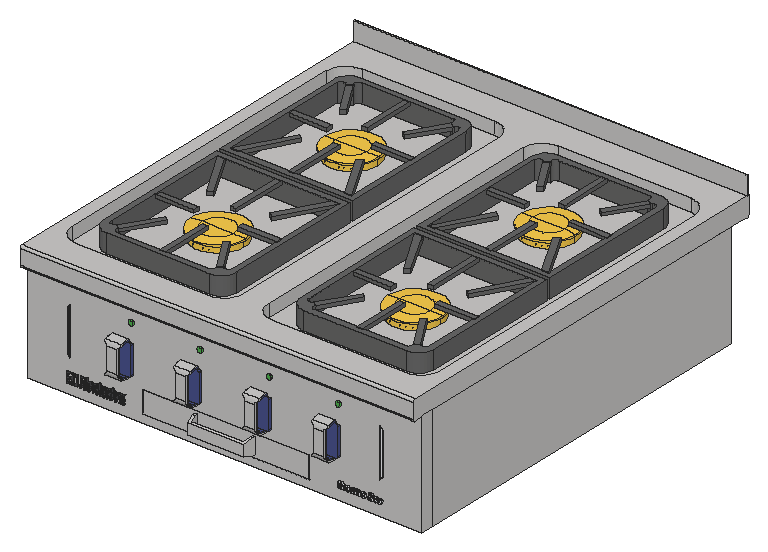
Revit family "QF_ELECTROLUXPROFESSIONAL_588528_MBGGBBHOPI", category Attrezzature speciali, Revit 2020 (continued)
Definition of nested family "Therma_One_Burner_Long"
  Forms (mm)
    Extrusion 12, void
      sketch origin (185.724, 98.287, -885.234) x (0.882948, 0.469472, 0) y (0, 0, 1)
        loop
          circle (-213.495, 891.283) r 1
      from -67.69 to -35.114
    Extrusion 13, void
      sketch origin (163.788, 131.942, -885.234) x (0.777146, 0.62932, 0) y (0, 0, 1)
        loop
          circle (-213.495, 891.283) r 1
      from -67.69 to -35.114
    Extrusion 14, void
      sketch origin (135.834, 160.792, -885.234) x (0.642788, 0.766044, 0) y (0, 0, 1)
        loop
          circle (-213.495, 891.283) r 1
      from -67.69 to -35.114
    Extrusion 15, void
      sketch origin (102.889, 183.778, -885.234) x (0.48481, 0.87462, 0) y (0, 0, 1)
        loop
          circle (-213.495, 891.283) r 1
      from -67.69 to -35.114
    Extrusion 16, void
      sketch origin (66.163, 200.056, -885.234) x (0.309017, 0.951057, 0) y (0, 0, 1)
        loop
          circle (-213.495, 891.283) r 1
      from -67.69 to -35.114
    Extrusion 17, void
      sketch origin (-52.811, 204.011, -885.234) x (-0.258819, 0.965926, 0) y (0, 0, 1)
        loop
          circle (-213.495, 891.283) r 1
      from -67.69 to -35.114
    Extrusion 18, void
      sketch origin (-90.537, 190.209, -885.234) x (-0.438371, 0.898794, 0) y (0, 0, 1)
        loop
          circle (-213.495, 891.283) r 1
      from -67.69 to -35.114
    Extrusion 19, void
      sketch origin (-124.936, 169.461, -885.234) x (-0.601815, 0.798636, 0) y (0, 0, 1)
        loop
          circle (-213.495, 891.283) r 1
      from -67.69 to -35.114
    Extrusion 20, void
      sketch origin (-154.744, 142.531, -885.234) x (-0.743145, 0.669131, 0) y (0, 0, 1)
        loop
          circle (-213.495, 891.283) r 1
      from -67.69 to -35.114
    Extrusion 21, void
      sketch origin (-178.866, 110.408, -885.234) x (-0.857167, 0.515038, 0) y (0, 0, 1)
        loop
          circle (-213.495, 891.283) r 1
      from -67.69 to -35.114
    Extrusion 22, void
      sketch origin (-196.416, 74.272, -885.234) x (-0.939693, 0.34202, 0) y (0, 0, 1)
        loop
          circle (-213.495, 891.283) r 1
      from -67.69 to -35.114
    Extrusion 23, void
      sketch origin (-204.521, -44.491, -885.234) x (-0.97437, -0.224951, 0) y (0, 0, 1)
        loop
          circle (-213.495, 891.283) r 1
      from -67.69 to -35.114
    Extrusion 24, void
      sketch origin (-192.043, -82.676, -885.234) x (-0.913545, -0.406737, 0) y (0, 0, 1)
        loop
          circle (-213.495, 891.283) r 1
      from -67.69 to -35.114
    Extrusion 25, void
      sketch origin (-172.509, -117.778, -885.234) x (-0.819152, -0.573576, 0) y (0, 0, 1)
        loop
          circle (-213.495, 891.283) r 1
      from -67.69 to -35.114
    Extrusion 26, void
      sketch origin (-146.635, -148.508, -885.234) x (-0.694658, -0.71934, 0) y (0, 0, 1)
        loop
          circle (-213.495, 891.283) r 1
      from -67.69 to -35.114
    Extrusion 27, solid
      sketch origin (0, 0, 0) x (1, 0, 0) y (0, 1, 0)
        loop
          line (93.686, 143.758) -> (-91.582, 143.758)
          arc (-91.582, 143.758) -> (-98.762, 139.285) -> (-97.913, 130.868) r 8
          line (-97.913, 130.868) -> (-108.094, 124.558) -> (-108.936, 125.917)
          arc (-108.936, 125.917) -> (-117.602, 127.471) -> (-122.448, 120.119) r 8
          line (-122.448, 120.119) -> (-122.448, -151.019) -> (124.552, -151.019) -> (124.552, 120.119)
          arc (124.552, 120.119) -> (119.707, 127.471) -> (111.04, 125.917) r 8
          line (111.04, 125.917) -> (110.198, 124.558) -> (100.018, 130.868)
          arc (100.018, 130.868) -> (100.866, 139.285) -> (93.686, 143.758) r 8
        loop
          line (-133.948, -162.742) -> (136.052, -162.742) -> (136.052, 125.258)
          arc (136.052, 125.258) -> (127.265, 146.471) -> (106.052, 155.258) r 30
          line (106.052, 155.258) -> (-103.948, 155.258)
          arc (-103.948, 155.258) -> (-125.161, 146.471) -> (-133.948, 125.258) r 30
          line (-133.948, 125.258) -> (-133.948, -162.742)
      from 0 to 36.87
    Extrusion 28, solid
      sketch origin (0, 0, 0) x (1, 0, 0) y (0, 1, 0)
        loop
          line (-4.698, -35.742) -> (-4.698, -151.019) -> (6.802, -151.019) -> (6.802, -35.742) -> (-4.698, -35.742)
        loop
          line (-4.698, 35.758) -> (6.802, 35.758) -> (6.802, 143.758) -> (-4.698, 143.758) -> (-4.698, 35.758)
        loop
          line (-43.948, -2.992) -> (-43.948, 8.508) -> (-122.541, 8.508) -> (-122.541, -2.992) -> (-43.948, -2.992)
        loop
          line (-55.47, 61.908) -> (-97.913, 130.868) -> (-108.094, 124.558) -> (-64.98, 54.999) -> (-55.47, 61.908)
        loop
          line (-64.98, -49.483) -> (-122.541, -151.019) -> (-107.695, -151.019) -> (-55.47, -56.392) -> (-64.98, -49.483)
        loop
          line (46.052, -2.992) -> (124.645, -2.992) -> (124.645, 8.508) -> (46.052, 8.508) -> (46.052, -2.992)
        loop
          line (57.575, 61.908) -> (67.085, 54.999) -> (110.198, 124.558) -> (100.018, 130.868) -> (57.575, 61.908)
        loop
          line (67.085, -49.483) -> (57.575, -56.392) -> (109.799, -151.019) -> (124.645, -151.019) -> (67.085, -49.483)
      from 30 to 37
    Revolve 29, solid
      sketch origin (0, 2.758, -862.45) x (1, 0, 0) y (0, 0, 1)
        loop
          line (-51.221, 862.45) -> (1.052, 862.45) -> (1.052, 879.837) -> (-30.56, 879.837) -> (-53.965, 878.127) -> (-53.965, 875.327) -> (-51.221, 874.643) -> (-51.221, 862.45)
        axis (1.052, 862.45) -> (1.052, 879.837)
      angle from 0 to 360
  Cuts and joins
    Extrusion 1, Extrusion 2, Extrusion 3, Extrusion 4, Extrusion 5, Extrusion 6, Extrusion 7, Extrusion 8, Extrusion 9, Extrusion 10, Extrusion 11, Extrusion 12, Extrusion 13, Extrusion 14, Extrusion 15, Extrusion 16, Extrusion 17, Extrusion 18, Extrusion 19, Extrusion 20, Extrusion 21, Extrusion 22, Extrusion 23, Extrusion 24, Extrusion 25, Extrusion 26 cuts Revolve 29
  Lines and regions (mm)
    symbolic lines
      curve 1: arc (-5.814, 57.328, 0) -> (-38.234, 41.249, 0) -> (-53.646, 8.508, 0) r 55
      curve 2: arc (55.751, 8.508, 0) -> (40.338, 41.249, 0) -> (7.919, 57.328, 0) r 55
      curve 3: arc (7.919, -51.812, 0) -> (40.338, -35.734, 0) -> (55.751, -2.992, 0) r 55
      curve 4: arc (-53.646, -2.992, 0) -> (-38.234, -35.734, 0) -> (-5.814, -51.812, 0) r 55
      curve 5: arc (-103.948, 155.258, 0) -> (-125.161, 146.471, 0) -> (-133.948, 125.258, 0) r 30
      curve 6: line (106.052, 155.258, 0) -> (-103.948, 155.258, 0)
      curve 7: line (-133.948, 125.258, 0) -> (-133.948, -162.742, 0)
      curve 8: line (-122.448, 8.508, 0) -> (-122.448, 120.119, 0)
      curve 9: arc (-122.448, 120.119, 0) -> (-117.602, 127.471, 0) -> (-108.936, 125.917, 0) r 8
      curve 10: line (-108.936, 125.917, 0) -> (-64.98, 54.999, 0)
      curve 11: line (-64.98, 54.999, 0) -> (-55.47, 61.908, 0)
      curve 12: line (-55.47, 61.908, 0) -> (-97.913, 130.868, 0)
      curve 13: line (-91.582, 143.758, 0) -> (-4.698, 143.758, 0)
      curve 14: arc (-97.913, 130.868, 0) -> (-98.762, 139.285, 0) -> (-91.582, 143.758, 0) r 8
      curve 15: line (-4.698, 143.758, 0) -> (-4.698, 35.758, 0)
      curve 16: line (6.802, 35.758, 0) -> (6.802, 143.758, 0)
      curve 17: line (6.802, 143.758, 0) -> (93.686, 143.758, 0)
      curve 18: arc (93.686, 143.758, 0) -> (100.866, 139.285, 0) -> (100.018, 130.868, 0) r 8
      curve 19: line (100.018, 130.868, 0) -> (57.575, 61.908, 0)
      curve 20: line (57.575, 61.908, 0) -> (67.085, 54.999, 0)
      curve 21: line (67.085, 54.999, 0) -> (111.04, 125.917, 0)
      curve 22: arc (111.04, 125.917, 0) -> (119.707, 127.471, 0) -> (124.552, 120.119, 0) r 8
      curve 23: line (124.552, 120.119, 0) -> (124.552, 8.508, 0)
      curve 24: line (124.552, 8.508, 0) -> (46.052, 8.508, 0)
      curve 25: line (46.052, 8.508, 0) -> (46.052, -2.992, 0)
      curve 26: line (46.052, -2.992, 0) -> (124.645, -2.992, 0)
      curve 27: line (67.085, -49.483, 0) -> (57.575, -56.392, 0)
      curve 28: line (124.645, -151.019, 0) -> (67.085, -49.483, 0)
      curve 29: line (57.575, -56.392, 0) -> (109.799, -151.019, 0)
      curve 30: line (109.799, -151.019, 0) -> (6.802, -151.019, 0)
      curve 31: line (124.645, -2.992, 0) -> (124.645, -151.019, 0)
      curve 32: line (6.802, -151.019, 0) -> (6.802, -35.742, 0)
      curve 33: line (-4.698, -35.742, 0) -> (-4.698, -151.019, 0)
      curve 34: line (6.802, -35.742, 0) -> (-4.698, -35.742, 0)
      curve 35: line (-107.695, -151.019, 0) -> (-55.47, -56.392, 0)
      curve 36: line (-55.47, -56.392, 0) -> (-64.98, -49.483, 0)
      curve 37: line (-64.98, -49.483, 0) -> (-122.541, -151.019, 0)
      curve 38: line (-4.698, -151.019, 0) -> (-107.695, -151.019, 0)
      curve 39: line (-122.541, -151.019, 0) -> (-122.541, -2.992, 0)
      curve 40: line (-122.541, -2.992, 0) -> (-43.948, -2.992, 0)
      curve 41: line (-43.948, 8.508, 0) -> (-122.448, 8.508, 0)
      curve 42: line (-43.948, -2.992, 0) -> (-43.948, 8.508, 0)
      curve 43: line (-4.698, 35.758, 0) -> (6.802, 35.758, 0)
      curve 44: arc (136.052, 125.258, 0) -> (127.265, 146.471, 0) -> (106.052, 155.258, 0) r 30
      curve 45: line (136.052, -162.742, 0) -> (136.052, 125.258, 0)
      curve 46: line (-133.948, -162.742, 0) -> (136.052, -162.742, 0)
  Dimensions and locks
    plane 5 to plane 4 = 270 mm
    plane 4 to plane 5 = 270 mm
    equal spacing: plane 4, plane 3 "Center (Left/Right)", plane 5
    plane 9 to plane 8 = 318 mm
  Automatic sketch dimensions
    curve 1 to curve 2 = 0 mm  (x2)
    curve 1 to curve 3 = 0 mm  (x2)
    curve 1 to curve 4 = 0 mm  (x2)
    curve 2 to curve 3 = 0 mm  (x2)
    curve 2 to curve 4 = 0 mm  (x2)
    curve 3 to curve 4 = 0 mm  (x2)
    curve 5 to plane 4 = 0 mm
    plane 8 to curve 6 = 0 mm
    plane 1 "Center (Front/Back)" to curve 2 = 0 mm
    curve 2 to plane 3 "Center (Left/Right)" = 0 mm
    curve 45 to plane 5 = 0 mm
    curve 46 to plane 9 = 0 mm
    plane 4 to curve 39 = 11.407 mm
    curve 41 to plane 1 "Center (Front/Back)" = 5.75 mm
    plane 4 to curve 41 = 11.5 mm
    curve 8 to curve 9 = 8 mm
    curve 9 to curve 10 = 5.512 mm
    curve 37 to curve 38 = 14.846 mm
    curve 10 to curve 5 = 4.988 mm
    plane 8 to curve 12 = 24.39 mm
    curve 5 to curve 12 = 6.034 mm
    curve 12 to curve 13 = 6.332 mm
    curve 10 to plane 3 "Center (Left/Right)" = 66.032 mm
    curve 36 to plane 3 "Center (Left/Right)" = 66.032 mm
    curve 10 to curve 11 = 9.51 mm
    curve 36 to curve 36 = 9.51 mm
    plane 1 "Center (Front/Back)" to curve 40 = 5.75 mm
    curve 40 to plane 3 "Center (Left/Right)" = 45 mm
    curve 38 to plane 3 "Center (Left/Right)" = 5.75 mm
    curve 13 to plane 3 "Center (Left/Right)" = 5.75 mm
    plane 3 "Center (Left/Right)" to curve 32 = 5.75 mm
    plane 3 "Center (Left/Right)" to curve 43 = 5.75 mm
    plane 1 "Center (Front/Back)" to curve 25 = 5.75 mm
    plane 3 "Center (Left/Right)" to curve 25 = 45 mm
    curve 25 to curve 29 = 11.522 mm
    curve 24 to curve 19 = 11.522 mm
    curve 19 to curve 20 = 9.51 mm
    curve 27 to curve 28 = 9.51 mm
    plane 8 to curve 18 = 19.5 mm
    curve 18 to plane 5 = 42.366 mm
    curve 18 to curve 19 = 6.332 mm
    curve 17 to curve 6 = 12.366 mm
    plane 9 to curve 29 = 11.724 mm
    curve 29 to plane 5 = 26.253 mm
    curve 44 to curve 21 = 4.988 mm
    curve 21 to curve 22 = 5.512 mm
    curve 22 to curve 23 = 8 mm
    curve 31 to plane 5 = 11.407 mm
    plane 9 to curve 28 = 11.724 mm
    plane 9 to curve 37 = 11.724 mm
    curve 38 to curve 30 = 0 mm
    curve 29 to curve 3 = 53.4 mm
    curve 35 to curve 4 = 53.4 mm
    curve 27 to curve 28 = 6.909 mm
    curve 35 to curve 37 = 6.909 mm
    plane 1 "Center (Front/Back)" to curve 33 = 38.5 mm
    curve 24 to plane 1 "Center (Front/Back)" = 5.75 mm
    curve 15 to plane 1 "Center (Front/Back)" = 33 mm
    curve 2 to curve 21 = 46.491 mm
    curve 1 to curve 10 = 46.491 mm
    curve 10 to curve 11 = 6.909 mm
    curve 20 to curve 20 = 6.909 mm
    curve 8 to curve 5 = 5.139 mm
    curve 22 to curve 44 = 5.139 mm
    curve 19 to curve 18 = 4.89 mm
    curve 12 to curve 14 = 4.89 mm
    curve 1 to curve 41 = 9.699 mm
    curve 4 to curve 40 = 9.699 mm
    curve 1 to plane 3 "Center (Left/Right)" = 6.867 mm
    curve 4 to plane 3 "Center (Left/Right)" = 6.867 mm
    plane 3 "Center (Left/Right)" to curve 2 = 6.867 mm
    plane 3 "Center (Left/Right)" to curve 3 = 6.867 mm
    curve 25 to curve 3 = 9.699 mm
    curve 24 to curve 2 = 9.699 mm
    level to Extrusion 1 sketch curve = 6.05 mm
    level to Extrusion 2 sketch curve = 6.05 mm
    level to Extrusion 3 sketch curve = 6.05 mm
    level to Extrusion 4 sketch curve = 6.05 mm
    level to Extrusion 5 sketch curve = 6.05 mm
    level to Extrusion 6 sketch curve = 6.05 mm
    level to Extrusion 7 sketch curve = 6.05 mm
    level to Extrusion 8 sketch curve = 6.05 mm
    level to Extrusion 9 sketch curve = 6.05 mm
    level to Extrusion 10 sketch curve = 6.05 mm
    level to Extrusion 11 sketch curve = 6.05 mm
    level to Extrusion 12 sketch curve = 6.05 mm
    level to Extrusion 13 sketch curve = 6.05 mm
    level to Extrusion 14 sketch curve = 6.05 mm
    level to Extrusion 15 sketch curve = 6.05 mm
    level to Extrusion 16 sketch curve = 6.05 mm
    level to Extrusion 17 sketch curve = 6.05 mm
    level to Extrusion 18 sketch curve = 6.05 mm
    level to Extrusion 19 sketch curve = 6.05 mm
    level to Extrusion 20 sketch curve = 6.05 mm
    level to Extrusion 21 sketch curve = 6.05 mm
    level to Extrusion 22 sketch curve = 6.05 mm
    level to Extrusion 23 sketch curve = 6.05 mm
    level to Extrusion 24 sketch curve = 6.05 mm
    level to Extrusion 25 sketch curve = 6.05 mm
    level to Extrusion 26 sketch curve = 6.05 mm
    Extrusion 27 sketch curve to plane 4 = 0 mm
    plane 8 to Extrusion 27 sketch curve = 0 mm
    Extrusion 27 sketch curve to plane 5 = 0 mm
    Extrusion 27 sketch curve to plane 9 = 0 mm
    plane 4 to Extrusion 27 sketch curve = 11.5 mm
    Extrusion 27 sketch curve to Extrusion 27 sketch curve = 8 mm
    Extrusion 27 sketch curve to Extrusion 27 sketch curve = 5.512 mm
    Extrusion 27 sketch curve to Extrusion 27 sketch curve = 0.842 mm  (x2)
    Extrusion 27 sketch curve to Extrusion 27 sketch curve = 4.988 mm
    Extrusion 27 sketch curve to Extrusion 27 sketch curve = 6.034 mm  (x2)
    plane 8 to Extrusion 27 sketch curve = 11.5 mm
    Extrusion 27 sketch curve to Extrusion 27 sketch curve = 6.332 mm  (x2)
    Extrusion 27 sketch curve to plane 5 = 42.366 mm
    Extrusion 27 sketch curve to Extrusion 27 sketch curve = 4.146 mm
    Extrusion 27 sketch curve to Extrusion 27 sketch curve = 6.354 mm
    Extrusion 27 sketch curve to plane 5 = 11.5 mm
    plane 9 to Extrusion 27 sketch curve = 11.724 mm
    Extrusion 27 sketch curve to Extrusion 27 sketch curve = 5.139 mm  (x2)
    Extrusion 27 sketch curve to Extrusion 27 sketch curve = 1.359 mm  (x2)
    plane 4 to Extrusion 28 sketch curve = 11.407 mm  (x2)
    plane 4 to Extrusion 28 sketch curve = 25.854 mm
    Extrusion 28 sketch curve to Extrusion 28 sketch curve = 14.846 mm
    plane 8 to Extrusion 28 sketch curve = 24.39 mm  (x2)
    Extrusion 28 sketch curve to Extrusion 28 sketch curve = 10.18 mm  (x2)
    Extrusion 28 sketch curve to plane 3 "Center (Left/Right)" = 66.032 mm  (x2)
    Extrusion 28 sketch curve to Extrusion 28 sketch curve = 9.51 mm  (x4)
    plane 1 "Center (Front/Back)" to Extrusion 28 sketch curve = 5.75 mm  (x2)
    Extrusion 28 sketch curve to plane 3 "Center (Left/Right)" = 45 mm
    Extrusion 28 sketch curve to plane 3 "Center (Left/Right)" = 5.75 mm  (x2)
    plane 3 "Center (Left/Right)" to Extrusion 28 sketch curve = 5.75 mm  (x2)
    plane 3 "Center (Left/Right)" to Extrusion 28 sketch curve = 45 mm
    Extrusion 28 sketch curve to Extrusion 28 sketch curve = 11.522 mm  (x2)
    Extrusion 28 sketch curve to plane 5 = 36.034 mm
    plane 9 to Extrusion 28 sketch curve = 11.724 mm  (x3)
    Extrusion 28 sketch curve to plane 5 = 26.253 mm
    Extrusion 28 sketch curve to plane 5 = 11.407 mm  (x2)
    Extrusion 28 sketch curve to Extrusion 28 sketch curve = 53.4 mm  (x2)
    Extrusion 28 sketch curve to Extrusion 28 sketch curve = 6.909 mm  (x4)
    plane 1 "Center (Front/Back)" to Extrusion 28 sketch curve = 38.5 mm
    Extrusion 28 sketch curve to plane 1 "Center (Front/Back)" = 5.75 mm  (x2)
    Extrusion 28 sketch curve to plane 1 "Center (Front/Back)" = 33 mm
    Extrusion 28 sketch curve to Extrusion 28 sketch curve = 46.491 mm  (x2)
    plane 8 to Extrusion 28 sketch curve = 11.5 mm
    Revolve 29 sketch curve to plane 5 = 190.017 mm
    Revolve 29 sketch curve to level = 0 mm  (x2)
    Revolve 29 sketch curve to plane 5 = 187.273 mm
    Revolve 29 sketch curve to Revolve 29 sketch curve = 20.661 mm
    Revolve 29 sketch curve to Revolve 29 sketch curve = 31.612 mm
    Revolve 29 sketch curve to Revolve 29 sketch curve = 12.194 mm
    Revolve 29 sketch curve to Revolve 29 sketch curve = 0.684 mm
    Revolve 29 sketch curve to Revolve 29 sketch curve = 2.8 mm
    level to Revolve 29 sketch curve = 17.388 mm
    Revolve 29 sketch curve to Revolve 29 sketch curve = 0 mm
    Revolve 29 sketch curve to Revolve 29 sketch curve = 67.612 mm
    radius of Extrusion 1 sketch curve = 1 mm
    radius of Extrusion 2 sketch curve = 1 mm
    radius of Extrusion 3 sketch curve = 1 mm
    radius of Extrusion 4 sketch curve = 1 mm
    radius of Extrusion 5 sketch curve = 1 mm
    radius of Extrusion 6 sketch curve = 1 mm
    radius of Extrusion 7 sketch curve = 1 mm
    radius of Extrusion 8 sketch curve = 1 mm
    radius of Extrusion 9 sketch curve = 1 mm
    radius of Extrusion 10 sketch curve = 1 mm
    radius of Extrusion 11 sketch curve = 1 mm
    radius of Extrusion 12 sketch curve = 1 mm
    radius of Extrusion 13 sketch curve = 1 mm
    radius of Extrusion 14 sketch curve = 1 mm
    radius of Extrusion 15 sketch curve = 1 mm
    radius of Extrusion 16 sketch curve = 1 mm
    radius of Extrusion 17 sketch curve = 1 mm
    radius of Extrusion 18 sketch curve = 1 mm
    radius of Extrusion 19 sketch curve = 1 mm
    radius of Extrusion 20 sketch curve = 1 mm
    radius of Extrusion 21 sketch curve = 1 mm
    radius of Extrusion 22 sketch curve = 1 mm
    radius of Extrusion 23 sketch curve = 1 mm
    radius of Extrusion 24 sketch curve = 1 mm
    radius of Extrusion 25 sketch curve = 1 mm
    radius of Extrusion 26 sketch curve = 1 mm
